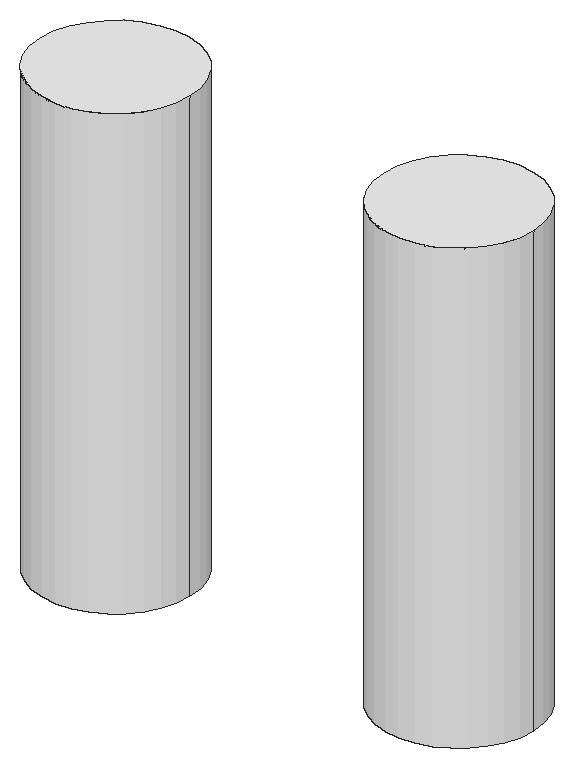
Revit family "54202207(2023)", category Plumbing Fixtures, Revit 2020
Family settings
  Round Connector Dimension = Use Diameter
  Part Type = Normal
  OmniClass Number = 23.45.55.00
  OmniClass Title = Sanitary Faucets, Wastes
  Work Plane-Based = No
  Always vertical = Yes
  Cut with Voids When Loaded = No
  Shared = No
  Room Calculation Point = No
Parameters (values of type "54202207 HANSAVANTIS Style")
  Working Pressure = "50 - 1000 kPa"
  WarrantyStartDate [instance] = "n/a"
  WarrantyGuarantorParts = "n/a"
  WarrantyGuarantorLabor = "n/a"
  WarrantyDurationUnit = "Year"
  WarrantyDurationParts = "n/a"
  WarrantyDurationLabor = "n/a"
  WarrantyDescription = "http://warranty.hansa.com"
  Warranty Information URL = "http://warranty.hansa.com"
  VersionDate = "16/01/2024"
  Version = "1"
  ValvePattern = "n/a"
  ValveOperation = "n/a"
  ValveMechanism = "n/a"
  Uniclass2015Reference = "Pr_40_20_87_96"
  Uniclass2015Description = "Washbasin manual water supply sets"
  Uniclass2 = "Pr_40_30_96_96"
  URL UWL = "http://static.hansa.com/UWL/54202207"
  URL REACH = "http://static.hansa.com/doc/reach"
  URL EcoLabel Declaration = "http://static.hansa.com/doc/EcoLabel"
  URL EU Packaging Declaration = "http://static.hansa.com/doc/packaging"
  URL Declaration of SCIP = "http://static.hansa.com/doc/SCIP"
  URL Declaration of Conformity = "http://static.hansa.com/DoC/54202207"
  URL Declaration of Asbestos = "http://static.hansa.com/doc/asbestos"
  URL Declaration Of Performance (DOP) = "http://static.hansa.com/doc/DoP"
  URL = ""
  UNSPSC Class Number = "30181700 Faucets or taps"
  TestPressure = "n/a"
  Temperature Adjustments = "Limitation option for maximum temperature and flow-rate "
  Technical DataSheet URL = "http://www.hansa.com/datasheet/54202207/en"
  TagNumber [instance] = "n/a"
  SustainabilityPerformance = "n/a"
  Surface treatment = "Chrome"
  Spout Type = "Swivel spout"
  Spout Swivel Range = "120°"
  Spout Projection = "255 mm"
  Spare-Part Information URL = "http://static.hansa.com/sp/54202207"
  Size = "54x261.5x338 mm"
  Shape = "Sculptured"
  SerialNumber [instance] = "n/a"
  Sales Package dimensions (LxWxH) = "508 x 249 x 96"
  Revision = "n/a"
  ReplacementCost = "n/a"
  ProductInformation = "Kitchen faucet with high spout"
  Product URL = "http://static.hansa.com/54202207"
  Product Image URL = "http://static.hansa.com/image/54202207"
  Product Family = "null Single-lever, side operated;Low pressure"
  Product Code = "54202207"
  OperatingMechanismMaterial = "n/a"
  NominalWidth = 50 mm
  NominalHeight = 330 mm
  NominalDepth = 259 mm
  Noise Class = "I (ISO 3822)"
  Name_en = "54202207 HANSAVANTIS Style"
  Name = "54202207 HANSAVANTIS Style"
  NBSReference = "45-35-70/371"
  NBSDescription = "Water supply fittings for wash basins and troughs"
  ModelReference = "54202207"
  ModelNumber = "n/a"
  Model = "54202207 HANSAVANTIS Style"
  Mobile Product Information URL = "http://mpi.hansa.com/54202207"
  Mechanical Parts = "30Cartridge"
  Max. Hot Water Supply = 70 °C
  Material = "Brass"
  Market = "International;Germany;Austria;Belgium;Netherlands;Czech Republic;Slovakia;Italy"
  ManufacturerURL = "http://www.hansa.com"
  ManufacturerName = "HANSA"
  Manufacturer = "HANSA"
  Interactive AR View URL = "https://static.hansa.com/AR/54202207"
  InstallationDate [instance] = "n/a"
  Installation and Maintenance Guide URL = "http://static.hansa.com/manual/54202207"
  Installation Type = "Deck mounted"
  InletConnectionSize = 10 mm
  IfcExportType = "FAUCET"  # constant formula
  IfcExportAs = "IfcValveType"  # constant formula
  Group = "Sales item"
  Grade = "n/a"
  FlowCoefficient = 0
  Flow Rate At 300kPa With Flow Controller = 0.17 L/s
  Flow Drawing URL = "http://static.hansa.com/flowchart/54202207"
  Finish = "Polished"
  Features = "Kitchen faucet"
  FaucetMainMaterial = Chrome
  FDV Document URL = "http://www.hansa.com/datasheet/54202207/en/fdv"
  ExpectedLife = "n/a"
  ETIM Class Number = "EC011431 Kitchen mixing tap"
  EAN Number = "4057304019821"
  DurationUnit = "Year"
  Dimension Drawing URL = "http://static.hansa.com/dimdrw/54202207"
  Description = ""
  DefaultElevation [instance] = 900 mm
  Default Elevation = 0 mm
  Constituents = "n/a"
  Connection Size = "G3/8"
  Connection = "Flexible inlet pipes"
  Color = "Chrome"
  CodePerformance = "n/a"
  CloseOffRating = 0
  Catalog Drawing URL = "http://static.hansa.com/catdrw/54202207"
  Brand = "HANSA"
  BodyMaterial = "Brass"
  Barcode [instance] = "n/a"
  BIMObjectName = "54202207(2023)"
  Author = "BIMStone"
  AssetType = "Fixed"
  AssetIdentifier [instance] = "n/a"
  Aerator = "Standard aerator"
  Advanced Features = "Inner body made of DZR brass"
  AccessibilityPerformance = "n/a"
  3D View = "https://static.hansa.com/AR/54202207"
  2D/3D/BIM Files URL = "http://static.hansa.com/bim/54202207"
Reference planes
  plane 1 "Center (Front/Back)": y = 0
  plane 2: z = 0
  plane 3 "Center (Left/Right)": x = 0
  plane 4: x = -25
  plane 5: z = 900
  plane 6: z = 870
  plane 7: x = 25
  plane 8: y = -259
  plane 9: z = 1230
  plane 10: x = 73.906
Forms (mm)
  Extrusion 1, solid, material "Chrome" <- "FaucetMainMaterial"
    sketch origin (0, 47.989, 0) x (1, 0, 0) y (0, 1, 0)
      loop
        circle (-11.5, -71.208) r 5
      loop
        circle (11.5, -71.208) r 5
    from 870 to 900
Dimensions and locks
  "DefaultElevation": plane 5 to level
  locked: plane 5 to plane 6 at 30
  equal spacing: plane 4, plane 3 "Center (Left/Right)", plane 7
  "NominalWidth": plane 4 to plane 7
  "NominalDepth": plane 8 to plane 1 "Center (Front/Back)"
  "NominalHeight": plane 9 to plane 5
  plane 4 to plane 10 = 98.906 mm
  "InletConnectionSize": diameter of Extrusion 1 sketch curve  (x2)
  aligned and locked: level to plane 2
  aligned and locked: plane 5 to Extrusion 1
  aligned and locked: Extrusion 1 to plane 6
  aligned and locked: nested 2 to plane 5
Automatic sketch dimensions
  plane 3 "Center (Left/Right)" to Extrusion 1 sketch curve = 11.5 mm
  Extrusion 1 sketch curve to plane 3 "Center (Left/Right)" = 11.5 mm
  plane 1 "Center (Front/Back)" to Extrusion 1 sketch curve = 23.219 mm  (x2)
Nested families
  nested 1: "Symbol" at (0, 0, 0), type "Symbol", detail levels coarse
  nested 2: "54202207(2023)_p" at (0, 0, 900), Body <- "FaucetMainMaterial", type "54202207(2023)_p"
    with Body Chrome
Connectors
  piping at (-11.5, -23.219, 870), diameter 10, driven by "InletConnectionSize"
    settings: on Extrusion 1, index 1, connector inside diameter 609.6 mm, connector length 0 mm, flow factor 0, pipe flow 0.0 L/s, pressure drop 0.0 Pa, fitting loss kfactor 0, connector angle 0.00°, fixture units 0, engagement length 0 mm, angle of deflection 0.00°, flow configuration 1, flow direction 1, fitting loss method 0, system type 19, joint type 0, gender type 0, connector reference index -1, connector utility 0, adjustable connector no, is connector primary yes, connector description ""
  piping at (11.5, -23.219, 870), diameter 10, driven by "InletConnectionSize"
    settings: on Extrusion 1, index 2, connector inside diameter 609.6 mm, connector length 0 mm, flow factor 0, pipe flow 0.0 L/s, pressure drop 0.0 Pa, fitting loss kfactor 0, connector angle 0.00°, fixture units 0, engagement length 0 mm, angle of deflection 0.00°, flow configuration 1, flow direction 1, fitting loss method 0, system type 20, joint type 0, gender type 0, connector reference index -1, connector utility 0, adjustable connector no, is connector primary no, connector description ""
Definition of nested family "Symbol"
  Reference planes
    plane 1: y = 0
    plane 2: x = 0
  Lines and regions (mm)
    detail lines
      curve 1: line (0, 0, 0) -> (0, -1.8, 0)
      curve 2: line (-0.4, -1.1, 0) -> (0.4, -1.1, 0)
      curve 3: line (-0.4, -1.4, 0) -> (0.4, -1.4, 0)
      curve 4: line (0.863, 0, 0) -> (-0.863, 0, 0)
      curve 5: circle (-1.163, 0, 0) r 0.3 normal (0, 0, -1)
      curve 6: circle (1.163, 0, 0) r 0.3 normal (0, 0, 1)
Definition of nested family "54202207(2023)_p"
  Parameters
    Default Elevation = 0 mm
    Body [instance] = none
  Reference planes
    plane 1 "Center (Front/Back)": y = 0
    plane 2: z = 0
    plane 3 "Center (Left/Right)": x = 0
    plane 4: y = -259.041
    plane 5: z = 329.978
    plane 6: x = 73.906
    plane 7: x = -25.016
    plane 8: x = 25.016
  Forms (mm)
    Revolve 1, solid, material <- "Body", detail levels medium
      sketch origin (0, -25.106, 0) x (1, 0, 0) y (0, 0, 1)
        loop
          line (0, 0) -> (0, 119.955) -> (0, 155.995) -> (-12.03, 155.995)
          arc (-12.03, 155.995) -> (-13.262, 151.035) -> (-15.793, 146.595) r 18.682
          arc (-15.793, 146.595) -> (-19.386, 139.881) -> (-20.627, 132.367) r 23.353
          line (-20.627, 132.367) -> (-20.627, 4.978) -> (-23.539, 4.978)
          arc (-23.539, 4.978) -> (-24.583, 4.546) -> (-25.016, 3.501) r 1.477
          line (-25.016, 3.501) -> (-25.016, 0) -> (-23.227, 0) -> (0, 0)
        axis (0, 155.995) -> (0, 0)
      angle from 0 to 360
    Sweep 2, solid, material <- "Body", detail levels medium
      path origin (0, 0, 0) x (0, 1, 0) y (0, 0, 1)
        loop
          line (-24.168, 155.995) -> (-24.168, 287.084)
          arc (-24.168, 287.084) -> (-33.329, 309.199) -> (-55.444, 318.36) r 31.276
          line (-55.444, 318.36) -> (-213.11, 318.36)
          arc (-213.11, 318.36) -> (-233.231, 311.333) -> (-244.604, 293.308) r 32.323
          line (-244.604, 293.308) -> (-247.493, 280.796)
      profile origin (0, -24.168, 221.54) x (0, -1, 0) y (1, 0, 0)
        loop
          circle (0.937, 0) r 12.03
    Extrusion 3, solid, material <- "Body", detail levels medium
      sketch origin (0, -1.875, 5.625) x (0, 1, 0) y (0, 0, 1)
        loop
          circle (-23.35, 63.254) r 20
      from 0 to 73.906
    Revolve 4, solid, material <- "Body", detail levels medium
      sketch origin (68.39, -1.875, 5.625) x (0, 1, 0) y (0, 0, 1)
        loop
          line (-63.264, 132.518) -> (-30.764, 76.226) -> (-26.236, 78.84) -> (-57.737, 133.4)
          arc (-57.737, 133.4) -> (-58.951, 134.332) -> (-60.467, 134.132) r 1.999
          line (-60.467, 134.132) -> (-63.264, 132.518)
        axis (-63.264, 132.518) -> (-30.764, 76.226)
      angle from 0 to 360
    Extrusion 5, solid, material <- "Body", detail levels coarse
      sketch origin (0, 0, 0) x (1, 0, 0) y (0, 1, 0)
        loop
          line (-25.016, 0) -> (-25.016, -259.041) -> (73.906, -259.041) -> (73.906, 0) -> (-25.016, 0)
      from 0 to 329.978
  Cuts and joins
    joined: Revolve 1, Sweep 2, Extrusion 3, Revolve 4
  Lines and regions (mm)
    symbolic lines, detail levels medium+fine
      curve 1: line (0, 0, 0) -> (-25.016, 0, 0)
      curve 2: line (-11.88, 0, 318.671) -> (-11.88, 0, 156.039)
      curve 3: arc (0, 0, 329.964) -> (-8.363, 0, 326.867) -> (-11.88, 0, 318.671) r 11.307
      curve 4: line (0, 0, 0) -> (25.016, 0, 0)
      curve 5: line (11.88, 0, 318.671) -> (11.88, 0, 156.039)
      curve 6: arc (0, 0, 329.964) -> (8.363, 0, 326.867) -> (11.88, 0, 318.671) r 11.307
      curve 7: line (41.194, 0, 47.358) -> (27.225, 0, 47.358)
      curve 8: line (41.194, 0, 47.358) -> (41.194, 0, 48.505)
      curve 9: line (41.194, 0, 89.354) -> (26.3, 0, 89.354)
      curve 10: line (41.194, 0, 48.505) -> (43.515, 0, 49.171)
      curve 11: arc (43.515, 0, 49.171) -> (45.054, 0, 49.727) -> (46.503, 0, 50.486) r 12.11
      curve 13: line (72.352, 0, 47.387) -> (49.555, 0, 47.387)
      curve 14: arc (49.555, 0, 47.387) -> (48.783, 0, 47.572) -> (48.179, 0, 48.085) r 1.706
      curve 15: arc (48.179, 0, 48.085) -> (47.327, 0, 49.276) -> (46.503, 0, 50.486) r 63.042
      curve 16: arc (73.906, 0, 49.028) -> (73.482, 0, 47.873) -> (72.352, 0, 47.387) r 1.556
      curve 17: line (73.906, 0, 49.028) -> (73.906, 0, 135.708)
      curve 18: arc (73.906, 0, 135.708) -> (73.209, 0, 137.835) -> (71.387, 0, 139.135) r 3.591
      curve 19: arc (71.387, 0, 139.135) -> (68.253, 0, 139.524) -> (65.183, 0, 138.788) r 8.849
      curve 20: arc (65.183, 0, 138.788) -> (63.79, 0, 137.527) -> (63.431, 0, 135.683) r 2.975
      curve 21: line (63.431, 0, 135.683) -> (62.93, 0, 91.848)
      curve 22: line (43.166, 0, 89.375) -> (61.286, 0, 89.375)
      curve 23: arc (62.93, 0, 91.848) -> (62.871, 0, 91.088) -> (62.715, 0, 90.342) r 5.846
      curve 24: arc (62.715, 0, 90.342) -> (62.178, 0, 89.596) -> (61.286, 0, 89.375) r 1.334
      curve 25: line (43.166, 0, 89.375) -> (43.166, 0, 87.583)
      curve 28: line (43.166, 0, 87.583) -> (41.194, 0, 88.149)
      curve 29: line (41.194, 0, 88.149) -> (41.194, 0, 89.354)
      curve 32: arc (-11.579, -248.462, 0) -> (-8.121, -256.304, 0) -> (0, -259.041, 0) r 10.623
      curve 36: arc (11.579, -248.462, 0) -> (8.121, -256.304, 0) -> (0, -259.041, 0) r 10.623
      curve 39: line (41.2, -45.948, 0) -> (15.824, -45.948, 0)
      curve 41: line (41.2, -44.788, 0) -> (41.2, -45.948, 0)
      curve 42: line (43.192, -44.217, 0) -> (41.2, -44.788, 0)
      curve 43: line (43.192, -44.217, 0) -> (43.192, -45.522, 0)
      curve 44: arc (43.192, -45.522, 0) -> (43.316, -45.823, 0) -> (43.618, -45.947, 0) r 0.426
      curve 45: line (43.618, -45.947, 0) -> (63.077, -45.947, 0)
      curve 46: line (63.077, -45.947, 0) -> (63.393, -64.049, 0)
      curve 47: arc (63.393, -64.049, 0) -> (64.453, -66.968, 0) -> (67.082, -68.62, 0) r 4.781
      curve 48: arc (67.082, -68.62, 0) -> (71.491, -67.817, 0) -> (73.906, -64.042, 0) r 5.613
      curve 49: line (73.906, -64.042, 0) -> (73.906, -5.344, 0)
      curve 50: arc (73.906, -5.344, 0) -> (73.506, -4.376, 0) -> (72.538, -3.975, 0) r 1.368
      curve 51: line (72.538, -3.975, 0) -> (46.729, -3.975, 0)
      curve 52: arc (46.729, -3.975, 0) -> (46.155, -4.075, 0) -> (45.647, -4.361, 0) r 1.71
      curve 53: arc (45.647, -4.361, 0) -> (44.77, -5.137, 0) -> (43.956, -5.979, 0) r 14.938
      curve 54: line (41.2, -5.16, 0) -> (42.717, -5.538, 0)
      curve 55: arc (42.717, -5.538, 0) -> (43.348, -5.729, 0) -> (43.956, -5.979, 0) r 6.786
      curve 56: line (41.2, -5.16, 0) -> (41.2, -4.257, 0)
      curve 57: arc (41.2, -4.257, 0) -> (41.113, -4.047, 0) -> (40.902, -3.96, 0) r 0.298
      curve 58: line (40.902, -3.96, 0) -> (15.902, -3.96, 0)
      curve 65: line (0, 0, 0) -> (0, -50, 0)
      curve 66: line (0, -50, 0) -> (0, -50, 3.395)
      curve 67: line (0, -45.958, 4.978) -> (0, -48.458, 4.978)
      curve 68: arc (0, -48.458, 4.978) -> (0, -49.563, 4.512) -> (0, -50, 3.395) r 1.542
      curve 69: line (0, -45.958, 4.978) -> (0, -45.958, 93.762)
      curve 71: line (0, -45.958, 115.126) -> (0, -45.958, 128.827)
      curve 72: line (0, -45.958, 115.126) -> (0, -59.196, 138.054)
      curve 73: line (0, -45.958, 93.762) -> (0, -68.502, 133.164)
      curve 74: line (0, -62.19, 139.108) -> (0, -67.777, 135.883)
      curve 75: arc (0, -59.196, 138.054) -> (0, -60.451, 139.27) -> (0, -62.19, 139.108) r 2.09
      curve 76: arc (0, -67.777, 135.883) -> (0, -68.703, 134.674) -> (0, -68.502, 133.164) r 1.987
      curve 77: arc (0, -45.958, 128.827) -> (0, -44.433, 138.219) -> (0, -40.015, 146.646) r 29.684
      curve 78: arc (0, -40.015, 146.646) -> (0, -37.703, 151.087) -> (0, -36.945, 156.036) r 15.338
      curve 79: line (0, -36.945, 156.036) -> (0, -36.945, 287.447)
      curve 80: arc (0, -36.945, 287.447) -> (0, -42.352, 300.5) -> (0, -55.406, 305.907) r 18.461
      curve 81: line (0, -55.406, 305.907) -> (0, -214.795, 305.907)
      curve 82: arc (0, -214.795, 305.907) -> (0, -226.736, 301.515) -> (0, -232.984, 290.431) r 18.427
      curve 83: line (0, -232.984, 290.431) -> (0, -235.84, 278.061)
      curve 84: line (0, -235.84, 278.061) -> (0, -259.041, 283.417)
      curve 85: line (0, -256.259, 296.173) -> (0, -259.041, 284.119)
      curve 86: arc (0, -259.041, 284.119) -> (0, -259.081, 283.768) -> (0, -259.041, 283.417) r 1.561
      curve 87: arc (0, -213.582, 329.978) -> (0, -240.842, 320.551) -> (0, -256.259, 296.173) r 43.617
      curve 88: line (0, -213.582, 329.978) -> (0, -55.72, 329.978)
      curve 89: arc (0, -55.72, 329.978) -> (0, -25.509, 317.464) -> (0, -12.995, 287.253) r 42.725
      curve 90: line (0, -12.995, 287.253) -> (0, -12.995, 155.857)
      curve 91: arc (0, -12.995, 155.857) -> (0, -12.176, 150.915) -> (0, -9.806, 146.501) r 15.32
      curve 92: arc (0, -9.806, 146.501) -> (0, -5.345, 138.078) -> (0, -3.947, 128.65) r 28.182
      curve 93: line (0, -3.947, 128.65) -> (0, -3.947, 4.978)
      curve 94: line (0, -3.947, 4.978) -> (0, -1.363, 4.978)
      curve 95: arc (0, -1.363, 4.978) -> (0, -0.358, 4.537) -> (0, 0, 3.5) r 1.368
      curve 96: line (0, 0, 3.5) -> (0, 0, 0)
      curve 100: line (25.016, 0, 0) -> (25.016, 0, 3.474)
      curve 101: line (21.3, 0, 4.978) -> (23.659, 0, 4.978)
      curve 102: arc (23.659, 0, 4.978) -> (24.672, 0, 4.527) -> (25.016, 0, 3.474) r 1.364
      curve 103: line (-25.016, 0, 0) -> (-25.016, 0, 3.639)
      curve 104: line (-20.627, 0, 4.978) -> (-23.5, 0, 4.978)
      curve 105: arc (-23.5, 0, 4.978) -> (-24.511, 0, 4.595) -> (-25.016, 0, 3.639) r 1.527
      curve 106: line (-20.627, 0, 4.978) -> (-20.627, 0, 128.799)
      curve 107: arc (-20.627, 0, 128.799) -> (-19.142, 0, 138.762) -> (-14.815, 0, 147.859) r 34.16
      curve 108: arc (-14.815, 0, 147.859) -> (-12.839, 0, 151.767) -> (-11.88, 0, 156.039) r 17.74
      curve 109: line (21.3, 0, 4.978) -> (21.3, 0, 41.433)
      curve 110: arc (27.225, 0, 47.358) -> (23.035, 0, 45.623) -> (21.3, 0, 41.433) r 5.925
      curve 111: line (21.3, 0, 94.354) -> (21.3, 0, 129.354)
      curve 112: arc (21.3, 0, 94.354) -> (22.764, 0, 90.819) -> (26.3, 0, 89.354) r 5
      curve 113: arc (21.3, 0, 129.354) -> (19.722, 0, 138.734) -> (15.163, 0, 147.083) r 28.675
      curve 114: arc (15.163, 0, 147.083) -> (12.81, 0, 151.3) -> (11.88, 0, 156.039) r 15.386
      curve 123: arc (15.902, -3.96, 0) -> (13.914, -3.765, 0) -> (12.001, -3.188, 0) r 10.25
      curve 124: arc (15.824, -45.948, 0) -> (14.232, -46.132, 0) -> (12.724, -46.675, 0) r 6.974
      curve 125: line (-11.579, -47.19, 0) -> (-11.579, -248.462, 0)
      curve 126: arc (11.579, -47.312, 0) -> (12.155, -47.001, 0) -> (12.724, -46.675, 0) r 25.016
      curve 127: line (11.579, -47.312, 0) -> (11.579, -248.462, 0)
      curve 129: arc (12.001, -3.067, 0) -> (-22.063, -13.225, 0) -> (-11.579, -47.19, 0) r 25.016
    symbolic lines, detail levels fine
      curve 12: line (41.194, 0, 48.505) -> (41.194, 0, 88.149)
      curve 26: arc (43.166, 0, 59.375) -> (43.314, 0, 57.928) -> (43.752, 0, 56.542) r 7.131
      curve 27: arc (43.752, 0, 56.542) -> (45.101, 0, 53.502) -> (46.503, 0, 50.486) r 186.065
      curve 30: line (43.166, 0, 87.583) -> (43.166, 0, 59.375)
      curve 31: line (-11.579, -43.321, 0) -> (-11.579, -47.19, 0)
      curve 33: line (-11.579, -43.321, 0) -> (-11.579, -23.321, 0)
      curve 34: arc (-11.579, -23.321, 0) -> (-8.185, -15.148, 0) -> (0, -11.782, 0) r 11.539
      curve 35: line (11.579, -43.321, 0) -> (11.579, -44.492, 0)
      curve 37: line (11.579, -43.321, 0) -> (11.579, -23.321, 0)
      curve 38: arc (11.579, -23.321, 0) -> (8.185, -15.148, 0) -> (0, -11.782, 0) r 11.539
      curve 40: line (11.579, -44.492, 0) -> (11.579, -47.312, 0)
      curve 59: line (41.2, -5.16, 0) -> (41.2, -44.788, 0)
      curve 60: line (63.077, -45.947, 0) -> (62.942, -38.181, 0)
      curve 61: arc (62.942, -38.181, 0) -> (63.837, -35.378, 0) -> (66.251, -33.696, 0) r 4.586
      curve 62: arc (66.251, -33.696, 0) -> (70.938, -34.207, 0) -> (73.906, -37.87, 0) r 6.192
      curve 63: line (43.192, -44.217, 0) -> (43.192, -7.885, 0)
      curve 64: arc (43.192, -7.885, 0) -> (43.39, -6.858, 0) -> (43.956, -5.979, 0) r 2.759
      curve 70: line (0, -45.958, 93.762) -> (0, -45.958, 115.126)
      curve 97: line (0, -3.947, 4.978) -> (0, -45.958, 4.978)
      curve 98: line (0, -234.796, 282.585) -> (0, -258.151, 287.977)
      curve 99: spline (11.88, 0, 280.681) -> (11.475, 0, 281.427) -> (10.289, 0, 282.122) -> (8.401, 0, 282.719) -> (5.94, 0, 283.177) -> (3.075, 0, 283.465) -> (0, 0, 283.563) -> (-3.075, 0, 283.465) -> (-5.94, 0, 283.177) -> (-8.401, 0, 282.719) -> (-10.289, 0, 282.122) -> (-11.475, 0, 281.427) -> (-11.88, 0, 280.681) -> (-11.475, 0, 279.935) -> (-10.289, 0, 279.24) -> (-8.401, 0, 278.643) -> (-5.94, 0, 278.184) -> (-3.075, 0, 277.897) -> (0, 0, 277.798) -> (3.075, 0, 277.897) -> (5.94, 0, 278.184) -> (8.401, 0, 278.643) -> (10.289, 0, 279.24) -> (11.475, 0, 279.935) -> (11.88, 0, 280.681)
      curve 115: arc (-11.235, 0, 286.188) -> (-5.742, 0, 287.963) -> (0, 0, 288.563) r 27.754
      curve 116: arc (-11.88, 0, 285.187) -> (-11.707, 0, 285.784) -> (-11.235, 0, 286.188) r 1.084
      curve 117: arc (11.235, 0, 286.188) -> (5.742, 0, 287.963) -> (0, 0, 288.563) r 27.754
      curve 118: arc (11.88, 0, 285.187) -> (11.707, 0, 285.784) -> (11.235, 0, 286.188) r 1.084
      curve 119: line (-20.627, 0, 4.978) -> (21.3, 0, 4.978)
      curve 120: line (22.764, 0, 90.819) -> (6.309, 0, 74.363)
      curve 121: line (23.035, 0, 45.623) -> (6.309, 0, 62.349)
      curve 122: arc (6.309, 0, 74.363) -> (3.821, 0, 68.356) -> (6.309, 0, 62.349) r 8.495
      curve 128: arc (12.724, -46.675, 0) -> (25.012, -24.721, 0) -> (12.001, -3.188, 0) r 25.016
  Dimensions and locks
    aligned and locked: level to plane 2
